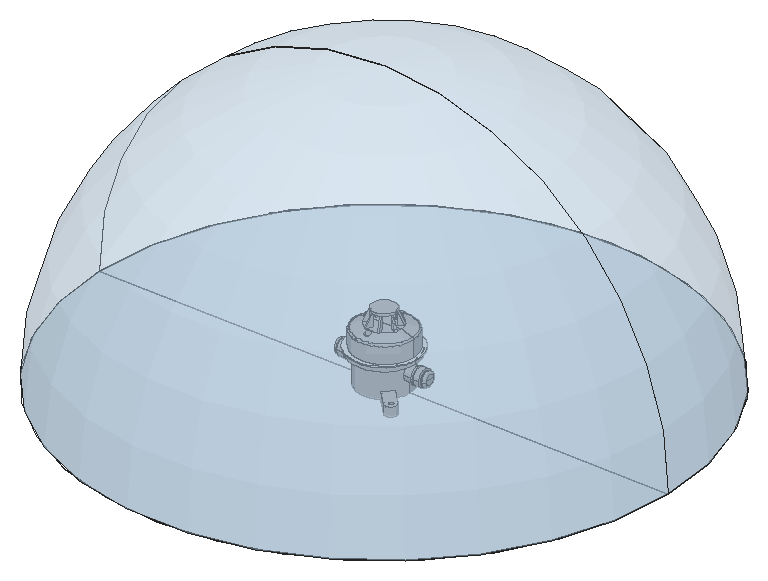
Revit family "2840_Intrinsically Safe Analog Smoke Detector", category Fire Alarm Devices, host Face, Revit 2020
Family settings
  Host = Face
  Maintain Annotation Orientation = No
  Round Connector Dimension = Use Diameter
  Part Type = Normal
  OmniClass Number = 23.85.30.21
  OmniClass Title = Environmental Detection/Registration
  Cut with Voids When Loaded = No
  Shared = No
  Room Calculation Point = No
Parameters (values of type "2840_2843")
  ø (mm) = 110.0 mm
  Zone Classification = "Zone 0 / 1 / 2"  # constant formula
  Weight = "300g"  # constant formula
  Voltage Normal = "16 VDC"  # constant formula
  Voltage Allowed = "15 - 17.3 VDC"  # constant formula
  Version = "RVT20"  # constant formula
  Uniformat 2010 Description = "Detection and Alarm"  # constant formula
  Uniformat 2010  Code = "D7050"  # constant formula
  Uniclass 2015 Description = "Fire and smoke detector bases"  # constant formula
  Uniclass 2015 Code = "Pr_75_80_30_27 "  # constant formula
  URL = "https://www.panasonic-fire-security.com"
  Type Comments = "The intrinsically safe analog photoelectric 2840 is used inside hazardous (Ex) areas. The detector is connected to the IS barrier unit 2842 via the IS COM line. The detector can be mounted with or without the water-proof IS back-box 2843."  # constant formula
  Tested and Approved = "EN54-7"  # constant formula
  Technical Number [instance] = ""
  Product Material = FR ABS and polycarbonate_Panasonic_Grey
  Omniclass Description = "Smoke Detectors"  # constant formula
  Omniclass Code = "23.85.30.21.11.11.11"  # constant formula
  Model = "2840"  # constant formula
  Min_Wire Size = "Ø 0.35 mm (0.08 mm²) "  # constant formula
  Max_Wire Size = "Ø 1.75 mm (2.5 mm²)"  # constant formula
  Manufacturer = "Panasonic"  # constant formula
  Ingress Protection Rating = "IP44"
  H_Total (mm) = 100.0 mm
  H_Detector (mm) = 62.0 mm
  H_Base (mm) = 58.0 mm
  Description = "Intrinsically safe analog photoelectric smoke detector 2840 with back-box 2843"
  Default Elevation = 0.0 mm
  Current Quiescent = "≤ 0.3 mA "  # constant formula
  Current (Active) = "≤ 1.5 mA"  # constant formula
  Contact = ""
  Clearance Area (0,5m according EN54-14) [instance] = yes
  Clearance Area = Clearance Area
  CPR = "2831-CPR-F2748"  # constant formula
  Base = yes
  Ambient Temperature Storage = "-25 to +70 °C"  # constant formula
  Ambient Temperature Operating = "-10 to +55 °C"  # constant formula
  Ambient Humidity = "Maximum 95 % RH "  # constant formula
  Address Range = "1-253\r"  # constant formula
  ATEX Clasification = "II 1 G Ex ia IIC T5 Ga"  # constant formula
  ATEX Certificate = "DEKRA 11ATEX0107"  # constant formula
Types (3, lengths in mm): name | ø (mm) | Ingress Protection Rating | H_Total (mm) | H_Base (mm) | Description | Base
  (no name) | 110.0 | "IP44" | 100.0 | 58.0 | "Intrinsically safe analog photoelectric smoke detector 2840 with back-box 2843" | yes
  2840 | 102.0 | "IP22" | 62.0 | 0.0 | "Intrinsically safe analog photoelectric smoke detector 2840" | no
  2840_2843 | 110.0 | "IP44" | 100.0 | 58.0 | "Intrinsically safe analog photoelectric smoke detector 2840 with back-box 2843" | yes
Reference planes
  plane 1 "Center (Front/Back)": y = 0
  plane 2: z = 0
  plane 3 "Center (Left/Right)": x = 0
  plane 4: z = 80
  plane 5 "Base": z = 58
  plane 6: z = 0
  plane 7: z = -1.1
Forms (mm)
  Extrusion 1, solid, material "Clearance Area" <- "Clearance Area", visible <- "Clearance Area (0,5m according EN54-14)", detail levels medium+fine
    sketch origin (0, 0, 0) x (1, 0, 0) y (0, 1, 0)
      loop
        circle (0, 0) r 500
    from 0 to 1
  Revolve 2, solid, material "Clearance Area" <- "Clearance Area", visible <- "Clearance Area (0,5m according EN54-14)"
    sketch origin (0, 0, 0) x (1, 0, 0) y (0, 0, 1)
      loop
        line (0, 0) -> (500, 0)
        arc (500, 0) -> (353.553, 353.553) -> (0, 500) r 500
        line (0, 500) -> (0, 0)
      axis (0, 500) -> (0, 0)
    angle from 0 to 360
Lines and regions (mm)
  symbolic lines, style "Dash Fire", visible <- "Clearance Area (0,5m according EN54-14)", detail levels medium+fine
    curve 1: circle (0, 0, 0) r 500 normal (0, 0, 1)
Dimensions and locks
  locked: host face to plane 7 at 1.1
  "H_Base (mm)": plane 5 "Base" to host face
  aligned and locked: plane 2 to host face
  aligned and locked: level to host face
  aligned and locked: plane 7 to nested 1
Automatic sketch dimensions
  plane 1 "Center (Front/Back)" to curve 1 = 0.0 mm
  curve 1 to plane 3 "Center (Left/Right)" = 0.0 mm
  host sketch curve to host sketch curve = 2438.4 mm  (x2)
  plane 1 "Center (Front/Back)" to Extrusion 1 sketch curve = 0.0 mm
  Extrusion 1 sketch curve to plane 3 "Center (Left/Right)" = 0.0 mm
  Revolve 2 sketch curve to plane 3 "Center (Left/Right)" = 0.0 mm  (x2)
  Revolve 2 sketch curve to level = 0.0 mm
  plane 3 "Center (Left/Right)" to Revolve 2 sketch curve = 500.0 mm
  Revolve 2 sketch curve to plane 7 = 163.9 mm
  Revolve 2 sketch curve to Revolve 2 sketch curve = 155.0 mm
  radius of curve 1 = 500.0 mm
  radius of Extrusion 1 sketch curve = 500.0 mm
Nested families
  nested 1: "2843_Base" at (0, 0, 0), visible <- "Base", type "2843"
    with Technical Number ""
  nested 2: "2840_Geometry" at (0, 0, 58), type "2840"
Connectors
  electrical at (0, 0, 0)
    settings: index 1, voltage 0 V, apparent load 0 VA, apparent load phase1 0 VA, apparent load phase2 0 VA, apparent load phase3 0 VA, power factor 1, load classification "Other", number of poles 1, system type 11, power factor state 1, is connector primary yes, connector utility no, sub classification motor no, connector description ""
Definition of nested family "2843_Base"
  Parameters (values of type "2843")
    ø (mm) = 110.0 mm  # constant formula
    Version = "RVT20"
    Uniformat 2010 Description = "Detection and Alarm"  # constant formula
    Uniformat 2010  Code = "D7050"  # constant formula
    Uniclass 2015 Description = "Fire and smoke detector bases"  # constant formula
    Uniclass 2015 Code = "Pr_75_80_30_27 "  # constant formula
    URL = "https://www.panasonic-fire-security.com"
    Type Comments = ""
    Technical Number [instance] = ""
    Product Material = none
    Omniclass Description = "Smoke Detectors"  # constant formula
    Omniclass Code = "23.85.30.21.11.11.11"  # constant formula
    Model = "2843"  # constant formula
    Manufacturer = "Panasonic"  # constant formula
    H_Base (mm) = 58.0 mm  # constant formula
    Description = " IS BACK-BOX 2843 base compatible with Panasonic IS detectors"  # constant formula
    Default Elevation = 0.0 mm
    Contact = "https://www.panasonic-fire-security.com/contact"
  Reference planes
    plane 1 "Center (Front/Back)": y = 0
    plane 2: z = 0
    plane 3 "Center (Left/Right)": x = 0
    plane 4: x = -50
    plane 5: through (0, 0, 1219.2) normal (-0.7071, -0.7071, 0)
    plane 6: through (0, 0, 1219.2) normal (-0.7071, 0.7071, 0)
    plane 7: through (-58.336, 58.336, 1219.2) normal (-0.7071, 0.7071, 0)
    plane 8: through (-65.407, 65.407, 1219.2) normal (-0.7071, 0.7071, 0)
    plane 9: through (65.407, -65.407, 1219.2) normal (-0.7071, 0.7071, 0)
    plane 10: through (7.071, 7.071, 1219.2) normal (-0.7071, -0.7071, 0)
    plane 11: through (-7.071, -7.071, 1219.2) normal (-0.7071, -0.7071, 0)
    plane 12: through (58.336, -58.336, 1219.2) normal (-0.7071, 0.7071, 0)
    plane 13: x = -79.5
    plane 14: x = 79.5
    plane 15: x = -75
    plane 16: x = -71.9
    plane 17: x = -60.9
    plane 18: x = -58.4
    plane 19: x = 50
    plane 20: x = 79.5
    plane 21: x = 75
    plane 22: x = 71.9
    plane 23: x = 60.9
    plane 24: x = 58.4
    plane 25: z = 13.512
    plane 26: z = 33
    plane 27: z = 49.268
    plane 28: z = 58
    plane 29: z = 59
    plane 30: z = -1.1
  Forms (mm)
    Extrusion 1, solid
      sketch origin (0, 0, 0) x (1, 0, 0) y (0, 1, 0)
        loop
          line (-1219.2, 1219.2) -> (-1219.2, -1219.2) -> (1219.2, -1219.2) -> (1219.2, 1219.2) -> (-1219.2, 1219.2)
      from 0 to -304.8
    Extrusion 2, solid, material <- "Product Material"
      sketch origin (0, 0, 0) x (1, 0, 0) y (0, 1, 0)
        loop
          circle (0, 0) r 55
        loop
          arc (-34.904, -23.663) -> (-24.269, -24.269) -> (-23.663, -34.904) r 8
          arc (-23.663, -34.904) -> (29.818, -29.818) -> (34.904, 23.663) r 42.169
          arc (34.904, 23.663) -> (24.269, 24.269) -> (23.663, 34.904) r 8
          arc (23.663, 34.904) -> (-29.818, 29.818) -> (-34.904, -23.663) r 42.169
      from 49.268 to 58
    Extrusion 3, solid, material <- "Product Material"
      sketch origin (0, 0, 0) x (1, 0, 0) y (0, 1, 0)
        loop
          line (-23.59, 37.733) -> (-51.265, 65.407)
          arc (-51.265, 65.407) -> (-65.407, 65.407) -> (-65.407, 51.265) r 10
          line (-65.407, 51.265) -> (-37.733, 23.59)
          arc (-37.733, 23.59) -> (-31.466, 31.466) -> (-23.59, 37.733) r 44.5
        loop
          circle (-58.336, 58.336) r 3.5
        loop
          arc (37.733, -23.59) -> (31.466, -31.466) -> (23.59, -37.733) r 44.5
          line (23.59, -37.733) -> (51.265, -65.407)
          arc (51.265, -65.407) -> (65.407, -65.407) -> (65.407, -51.265) r 10
          line (65.407, -51.265) -> (37.733, -23.59)
        loop
          circle (58.336, -58.336) r 3.5
      from 13.512 to -1.1
    Extrusion 4, solid
      sketch origin (0, 0, 8.732) x (1, 0, 0) y (0, 1, 0)
        loop
          arc (42.067, 41.43) -> (-39.807, 43.606) -> (-45.082, -38.128) r 59.043
          arc (-45.082, -38.128) -> (39.807, -43.606) -> (42.067, 41.43) r 59.043
        loop
          arc (23.663, 34.904) -> (-29.818, 29.818) -> (-34.904, -23.663) r 42.169
          arc (-34.904, -23.663) -> (-24.269, -24.269) -> (-23.663, -34.904) r 8
          arc (-23.663, -34.904) -> (29.818, -29.818) -> (34.904, 23.663) r 42.169
          arc (34.904, 23.663) -> (24.269, 24.269) -> (23.663, 34.904) r 8
        loop
          circle (29.926, 29.926) r 2.479
        loop
          circle (-29.926, -29.926) r 2.479
      from 49.268 to 50.268
    Extrusion 5, solid, material <- "Product Material"
      sketch origin (0, 0, -8.732) x (1, 0, 0) y (0, 1, 0)
        loop
          circle (0, 0) r 44.5
      from 8.732 to 58
    Extrusion 6, solid, material <- "Product Material"
      sketch origin (-0.432, 0, 18) x (0, 1, 0) y (0, 0, 1)
        loop
          circle (0, 15) r 14.2
      from -57.968 to -60.468
    Extrusion 7, solid, material <- "Product Material"
      sketch origin (-8.623, 0, 18) x (0, 1, 0) y (0, 0, 1)
        loop
          circle (0, 15) r 12.3
      from -63.277 to -66.377
    Extrusion 8, solid, material <- "Product Material"
      sketch origin (-0.432, 0, 18) x (0, 1, 0) y (0, 0, 1)
        loop
          circle (0, 15) r 14.2
      from -71.468 to -60.468
    Revolve 9, solid, material <- "Product Material"
      sketch origin (-2.6, 0, 33) x (0, 1, 0) y (-1, 0, 0)
        loop
          arc (-8.121, 76.9) -> (-11.192, 75.561) -> (-12.3, 72.4) r 4.19
          line (-12.3, 72.4) -> (0, 72.4) -> (0, 76.9) -> (-8.121, 76.9)
        axis (0, 76.9) -> (0, 72.4)
      angle from 0 to 360
    Extrusion 10, solid, material <- "Product Material"
      sketch origin (0.432, 0, 18) x (0, 1, 0) y (0, 0, -1)
        loop
          circle (0, -15) r 14.2
      from -57.968 to -60.468
    Extrusion 11, solid, material <- "Product Material"
      sketch origin (8.623, 0, 18) x (0, 1, 0) y (0, 0, -1)
        loop
          circle (0, -15) r 12.3
      from -63.277 to -66.377
    Extrusion 12, solid, material <- "Product Material"
      sketch origin (0.432, 0, 18) x (0, 1, 0) y (0, 0, -1)
        loop
          circle (0, -15) r 14.2
      from -71.468 to -60.468
    Extrusion 13, solid, material <- "Product Material"
      sketch origin (-7.76, 0, 18) x (0, 1, 0) y (0, 0, -1)
        loop
          circle (0, -15) r 12.3
      from -66.16 to -50.7
    Revolve 14, solid, material <- "Product Material"
      sketch origin (2.6, 0, 33) x (0, 1, 0) y (-1, 0, 0)
        loop
          line (-8.121, -76.9) -> (0, -76.9) -> (0, -72.4) -> (-12.3, -72.4)
          arc (-12.3, -72.4) -> (-11.192, -75.561) -> (-8.121, -76.9) r 4.19
        axis (0, -76.9) -> (0, -72.4)
      angle from 0 to 360
    Extrusion 15, solid, material <- "Product Material"
      sketch origin (7.76, 0, 18) x (0, 1, 0) y (0, 0, 1)
        loop
          circle (0, 15) r 12.3
      from -66.16 to -51.073
    Extrusion 16, void
      sketch origin (0, 0, 0) x (1, 0, 0) y (0, 1, 0)
        loop
          arc (-34.904, -23.663) -> (-24.269, -24.269) -> (-23.663, -34.904) r 8
          arc (-23.663, -34.904) -> (29.818, -29.818) -> (34.904, 23.663) r 42.169
          arc (34.904, 23.663) -> (24.269, 24.269) -> (23.663, 34.904) r 8
          arc (23.663, 34.904) -> (-29.818, 29.818) -> (-34.904, -23.663) r 42.169
      from 13.512 to 49.268
  Cuts and joins
    Extrusion 16 cuts Extrusion 5
    joined: Extrusion 5, Extrusion 13, Extrusion 15
  Dimensions and locks
    locked: plane 29 to plane 28 at 1
    locked: plane 28 to plane 27 at 8.732
    plane 27 to plane 26 to plane 25 = 16.268 mm locked, 19.488 mm locked
    "H_Base (mm)": plane 28 to Extrusion 1
    locked: Extrusion 1 to plane 30 at 1.1
    aligned and locked: plane 2 to Extrusion 1
    aligned and locked: level to Extrusion 1
    aligned and locked: plane 28 to Extrusion 2
    aligned and locked: Extrusion 2 to plane 27
    aligned and locked: plane 29 to Extrusion 4
    aligned and locked: Extrusion 5 to level
    aligned and locked: Extrusion 6 to Extrusion 8
    aligned and locked: Extrusion 12 to Extrusion 10
    aligned and locked: Extrusion 10 to Extrusion 13
    aligned and locked: Extrusion 16 to Extrusion 2
    aligned and locked: Extrusion 3 sketch curve to cut or joined group of Extrusion 5, Extrusion 13, Extrusion 15, Extrusion 16  (x2)
  Automatic sketch dimensions
    Extrusion 1 sketch curve to Extrusion 1 sketch curve = 2438.4 mm  (x2)
    Extrusion 2 sketch curve to Extrusion 2 sketch curve = 0.0 mm  (x4)
    Extrusion 2 sketch curve to plane 6 = 0.0 mm  (x2)
    plane 1 "Center (Front/Back)" to Extrusion 2 sketch curve = 0.0 mm
    Extrusion 2 sketch curve to plane 3 "Center (Left/Right)" = 0.0 mm
    Extrusion 2 sketch curve to Extrusion 2 sketch curve = 6.262 mm  (x2)
    Extrusion 3 sketch curve to Extrusion 3 sketch curve = 0.0 mm  (x4)
    Extrusion 3 sketch curve to plane 7 = 0.0 mm  (x3)
    Extrusion 3 sketch curve to plane 11 = 0.0 mm  (x4)
    plane 5 to Extrusion 3 sketch curve = 0.0 mm  (x2)
    plane 10 to Extrusion 3 sketch curve = 0.0 mm  (x2)
    plane 12 to Extrusion 3 sketch curve = 0.0 mm  (x3)
    Extrusion 4 sketch curve to Extrusion 4 sketch curve = 0.0 mm  (x11)
    Extrusion 4 sketch curve to plane 6 = 0.0 mm  (x2)
    plane 1 "Center (Front/Back)" to Extrusion 4 sketch curve = 0.0 mm
    Extrusion 4 sketch curve to plane 3 "Center (Left/Right)" = 0.0 mm
    Extrusion 4 sketch curve to Extrusion 4 sketch curve = 6.262 mm  (x2)
    Extrusion 4 sketch curve to Extrusion 4 sketch curve = 8.202 mm
    plane 1 "Center (Front/Back)" to Extrusion 5 sketch curve = 0.0 mm
    Extrusion 5 sketch curve to plane 3 "Center (Left/Right)" = 0.0 mm
    Extrusion 6 sketch curve to plane 1 "Center (Front/Back)" = 0.0 mm
    Extrusion 6 sketch curve to plane 26 = 0.0 mm
    Extrusion 7 sketch curve to plane 1 "Center (Front/Back)" = 0.0 mm
    Extrusion 7 sketch curve to plane 26 = 0.0 mm
    Extrusion 8 sketch curve to plane 1 "Center (Front/Back)" = 0.0 mm
    Extrusion 8 sketch curve to plane 26 = 0.0 mm
    Revolve 9 sketch curve to plane 15 = 0.0 mm
    Revolve 9 sketch curve to plane 13 = 0.0 mm
    plane 1 "Center (Front/Back)" to Revolve 9 sketch curve = 0.0 mm  (x2)
    plane 15 to Revolve 9 sketch curve = 0.31 mm
    plane 1 "Center (Front/Back)" to Revolve 9 sketch curve = 8.121 mm
    plane 14 to Revolve 9 sketch curve = 1441.9 mm
    plane 13 to Revolve 9 sketch curve = 1447.1 mm
    Extrusion 10 sketch curve to plane 1 "Center (Front/Back)" = 0.0 mm
    Extrusion 10 sketch curve to plane 26 = 0.0 mm
    Extrusion 11 sketch curve to plane 1 "Center (Front/Back)" = 0.0 mm
    Extrusion 11 sketch curve to plane 26 = 0.0 mm
    Extrusion 12 sketch curve to plane 1 "Center (Front/Back)" = 0.0 mm
    Extrusion 12 sketch curve to plane 26 = 0.0 mm
    Extrusion 13 sketch curve to plane 1 "Center (Front/Back)" = 0.0 mm
    Extrusion 13 sketch curve to plane 26 = 0.0 mm
    Revolve 14 sketch curve to plane 21 = 0.0 mm
    Revolve 14 sketch curve to plane 14 = 0.0 mm
    plane 1 "Center (Front/Back)" to Revolve 14 sketch curve = 0.0 mm  (x2)
    plane 21 to Revolve 14 sketch curve = 0.31 mm
    plane 1 "Center (Front/Back)" to Revolve 14 sketch curve = 8.121 mm
    plane 14 to Revolve 14 sketch curve = 1447.1 mm
    plane 13 to Revolve 14 sketch curve = 1441.9 mm
    Extrusion 15 sketch curve to plane 1 "Center (Front/Back)" = 0.0 mm
    Extrusion 15 sketch curve to plane 26 = 0.0 mm
    Extrusion 16 sketch curve to plane 6 = 0.0 mm  (x2)
    plane 1 "Center (Front/Back)" to Extrusion 16 sketch curve = 0.0 mm
    Extrusion 16 sketch curve to plane 3 "Center (Left/Right)" = 0.0 mm
    Extrusion 16 sketch curve to Extrusion 16 sketch curve = 6.262 mm  (x2)
    Extrusion 16 sketch curve to Extrusion 16 sketch curve = 0.0 mm  (x2)
    Extrusion 2 sketch curve to plane 1 "Center (Front/Back)" = 29.926 mm
    Extrusion 2 sketch curve to Extrusion 2 sketch curve = 4.978 mm  (x2)
    Extrusion 4 sketch curve to plane 1 "Center (Front/Back)" = 29.926 mm
    Extrusion 4 sketch curve to Extrusion 4 sketch curve = 4.978 mm  (x2)
    Extrusion 4 sketch curve to plane 19 = 7.933 mm
    Extrusion 16 sketch curve to plane 1 "Center (Front/Back)" = 29.926 mm
    Extrusion 16 sketch curve to Extrusion 16 sketch curve = 4.978 mm  (x2)
    Extrusion 2 sketch curve to plane 4 = 20.074 mm
    Extrusion 4 sketch curve to plane 4 = 20.074 mm
    Extrusion 4 sketch curve to plane 4 = 4.918 mm
    Extrusion 16 sketch curve to plane 4 = 20.074 mm
    radius of Extrusion 2 sketch curve = 55.0 mm
    radius of Extrusion 3 sketch curve = 3.5 mm  (x2)
    radius of Extrusion 4 sketch curve = 2.479 mm  (x2)
    radius of Extrusion 5 sketch curve = 44.5 mm
    radius of Extrusion 6 sketch curve = 14.2 mm
    radius of Extrusion 7 sketch curve = 12.3 mm
    radius of Extrusion 8 sketch curve = 14.2 mm
    radius of Extrusion 10 sketch curve = 14.2 mm
    radius of Extrusion 11 sketch curve = 12.3 mm
    radius of Extrusion 12 sketch curve = 14.2 mm
    radius of Extrusion 13 sketch curve = 12.3 mm
    radius of Extrusion 15 sketch curve = 12.3 mm
  Connectors
    electrical at (0, 0, 0)
      settings: index 1, voltage 0 V, apparent load 0 VA, apparent load phase1 0 VA, apparent load phase2 0 VA, apparent load phase3 0 VA, power factor 1, load classification none, number of poles 1, system type 11, power factor state 1, is connector primary yes, connector utility no, sub classification motor no, connector description ""
Definition of nested family "2840_Geometry"
  Parameters (values of type "2840")
    ø (mm) = 102.0 mm  # constant formula
    Version = "RVT20"
    Uniformat 2010 Description = "Detection and Alarm"  # constant formula
    Uniformat 2010  Code = "D7050"  # constant formula
    Uniclass 2015 Description = "Fire and smoke detector bases"  # constant formula
    Uniclass 2015 Code = "Pr_75_80_30_27 "  # constant formula
    URL = "https://www.panasonic-fire-security.com"
    Type Comments = "The intrinsically safe analog photoelectric 2840 is used inside hazardous (Ex) areas. The detector is connected to the IS barrier unit 2842 via the IS COM line. The detector can be mounted with or without the water-proof IS back-box 2843."  # constant formula
    Product Material = none
    Omniclass Description = "Smoke Detectors"  # constant formula
    Omniclass Code = "23.85.30.21.11.11.11"  # constant formula
    Model = "2840"
    Manufacturer = "Panasonic"  # constant formula
    H_Detector (mm) = 62.0 mm  # constant formula
    Description = "Intrinsically safe analog photoelectric smoke detector 2840\r\nwithin the low profile housing. The 4400I multi detector is not backwards compatible with older detector \r\ntypes. Only Advanced mode is supported."  # constant formula
    Default Elevation = 0.0 mm
    Contact = "https://www.panasonic-fire-security.com/contact"
  Reference planes
    plane 1 "Center (Front/Back)": y = 0
    plane 2: z = 0
    plane 3 "Center (Left/Right)": x = 0
    plane 4: z = 62
    plane 5: x = -30
    plane 6: x = 30
    plane 7: z = 58.91
    plane 8: z = 37.508
    plane 9: z = 30.659
    plane 10: z = 28.176
    plane 11: x = -20
    plane 12: x = 20
  Forms (mm)
    Extrusion 1, solid
      sketch origin (0, 0, 0) x (1, 0, 0) y (0, 1, 0)
        loop
          line (-1219.2, 1219.2) -> (-1219.2, -1219.2) -> (1219.2, -1219.2) -> (1219.2, 1219.2) -> (-1219.2, 1219.2)
      from 0 to -304.8
    Extrusion 2, solid, material <- "Product Material"
      sketch origin (0, 0, -6) x (1, 0, 0) y (0, 1, 0)
        loop
          circle (0, 0) r 51
      from 6 to 34.176
    Revolve 3, solid, material <- "Product Material"
      sketch origin (0, 0, 11.176) x (1, 0, 0) y (0, 0, 1)
        loop
          line (-51, 17) -> (0, 17) -> (0, 19.483) -> (-48.517, 19.483)
          arc (-48.517, 19.483) -> (-50.273, 18.756) -> (-51, 17) r 2.483
        axis (0, 19.483) -> (0, 17)
      angle from 0 to 360
    Extrusion 4, solid, material <- "Product Material"
      sketch origin (0, 0, -6) x (1, 0, 0) y (0, 1, 0)
        loop
          circle (0, 0) r 20
      from 64.91 to 68
    Revolve 5, solid, material <- "Product Material"
      sketch origin (0, 0, 11.959) x (1, 0, 0) y (0, 0, 1)
        loop
          line (-30, 25.549) -> (-48.49, 18.7) -> (0, 18.7) -> (0, 25.549) -> (-30, 25.549)
        axis (0, 25.549) -> (0, 18.7)
      angle from 0 to 360
    Extrusion 6, solid, material <- "Product Material"
      sketch origin (0, 0, 0) x (0.92388, -0.382683, 0) y (0, 0, 1)
        loop
          line (-30, 37.508) -> (-20, 37.508) -> (-20, 58.91) -> (-30, 37.508)
      from 0 to 2.5
    Extrusion 7, solid, material <- "Product Material", not visible
      sketch origin (0, 0, 0) x (1, 0, 0) y (0, 0, 1)
        loop
          line (-30, 37.508) -> (-20, 37.508) -> (-20, 58.91) -> (-30, 37.508)
      from 0 to 2.5
    Extrusion 8, solid, material <- "Product Material"
      sketch origin (0, 0, 0) x (0.382683, -0.92388, 0) y (0, 0, 1)
        loop
          line (-30, 37.508) -> (-20, 37.508) -> (-20, 58.91) -> (-30, 37.508)
      from 0 to 2.5
    Extrusion 9, solid, material <- "Product Material"
      sketch origin (0, 0, 0) x (0.92388, 0.382683, 0) y (0, 0, 1)
        loop
          line (-30, 37.508) -> (-20, 37.508) -> (-20, 58.91) -> (-30, 37.508)
      from 0 to 2.5
    Extrusion 10, solid, material <- "Product Material"
      sketch origin (0, 0, 0) x (0.382683, 0.92388, 0) y (0, 0, 1)
        loop
          line (-30, 37.508) -> (-20, 37.508) -> (-20, 58.91) -> (-30, 37.508)
      from 0 to 2.5
    Extrusion 11, solid, material <- "Product Material"
      sketch origin (0, 0, 0) x (-0.382683, 0.92388, 0) y (0, 0, 1)
        loop
          line (-30, 37.508) -> (-20, 37.508) -> (-20, 58.91) -> (-30, 37.508)
      from 0 to 2.5
    Extrusion 12, solid, material <- "Product Material"
      sketch origin (0, 0, 0) x (-0.92388, 0.382683, 0) y (0, 0, 1)
        loop
          line (-30, 37.508) -> (-20, 37.508) -> (-20, 58.91) -> (-30, 37.508)
      from 0 to 2.5
    Extrusion 13, solid, material <- "Product Material"
      sketch origin (0, 0, 0) x (-0.92388, -0.382683, 0) y (0, 0, 1)
        loop
          line (-30, 37.508) -> (-20, 37.508) -> (-20, 58.91) -> (-30, 37.508)
      from 0 to 2.5
    Extrusion 14, solid, material <- "Product Material"
      sketch origin (0, 0, 0) x (-0.382683, -0.92388, 0) y (0, 0, 1)
        loop
          line (-30, 37.508) -> (-20, 37.508) -> (-20, 58.91) -> (-30, 37.508)
      from 0 to 2.5
    Extrusion 15, void
      sketch origin (0, 0, 0) x (1, 0, 0) y (0, 1, 0)
        loop
          circle (0, 35.5) r 5.5
        loop
          circle (0, -35.5) r 5.5
      from 30.659 to 37.508
    Extrusion 16, solid
      sketch origin (0, 0, 0) x (1, 0, 0) y (0, 1, 0)
        loop
          circle (-32.7, 0) r 2.7
      from 35.513 to 37.508
  Cuts and joins
    Extrusion 15 cuts Extrusion 2
    Extrusion 15 cuts Revolve 5
  Dimensions and locks
    aligned and locked: plane 2 to Extrusion 1
    aligned and locked: level to Extrusion 1
    aligned and locked: plane 4 to Extrusion 4
    aligned and locked: Extrusion 4 to plane 7
    aligned and locked: Revolve 3 sketch curve to plane 9
    aligned and locked: Revolve 3 sketch curve to Revolve 3 sketch curve
    aligned and locked: Revolve 3 sketch curve to plane 10
    aligned and locked: Revolve 5 sketch curve to plane 8
    aligned and locked: plane 9 to Revolve 5 sketch curve
    aligned and locked: Revolve 5 sketch curve to Revolve 5 sketch curve
    aligned and locked: plane 10 to Extrusion 2
    aligned and locked: Extrusion 2 to level
    aligned and locked: Extrusion 15 to Revolve 5
    aligned and locked: Revolve 5 to Extrusion 15
    aligned and locked: plane 8 to Extrusion 16
  Connectors
    electrical at (0, 0, 0)
      settings: index 1, voltage 0 V, apparent load 0 VA, apparent load phase1 0 VA, apparent load phase2 0 VA, apparent load phase3 0 VA, power factor 1, load classification none, number of poles 1, system type 11, power factor state 1, is connector primary yes, connector utility no, sub classification motor no, connector description ""
